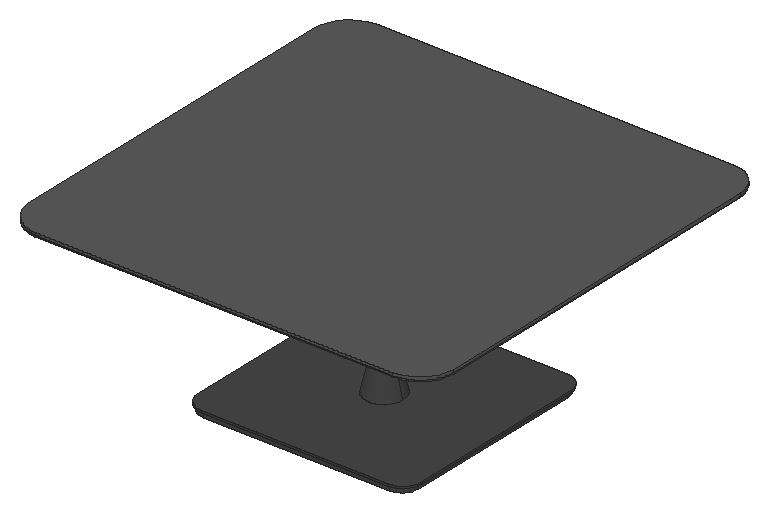
Revit family "NBS_Allermuir_OffcTbls-en-us-FortySeven_LowLevelTables", category Furniture, Revit 2018
Family settings
  Work Plane-Based = No
  Always vertical = Yes
  Cut with Voids When Loaded = No
  Shared = No
  Room Calculation Point = No
Parameters (values of type "FortySeven_LowLevelTable_KRSC36SQ")
  WorksurfaceArea = 0.00 m²
  WarrantyStartDate [instance] = "1900-12-31T23:59:59"
  WarrantyGuarantorParts = "sales@allermuir.com"
  WarrantyGuarantorLabor = "n/a"
  WarrantyDurationUnit = "year"
  WarrantyDurationParts = "10"
  WarrantyDurationLabor = "n/a"
  WarrantyDescription = "Allermuir warrant that its manufactured products are free from manufacturing defects - in materials or workmanship - for a period of ten (10) years. , Allermuir will repair, or replace (at Allermuir's sole discretion) with comparable free of charge materials / components, any product / component which fails under normal use in a single shift environment, as a result of a defect in the materials and/ or workmanship"
  Version = "1"  # constant formula
  Uniclass2015Version = "Products v1.15"
  Uniclass2015Title = "Coffee tables"
  Uniclass2015Code = "Pr_40_50_21_14"
  TagNumber [instance] = "n/a"
  TableTopMaterial = NBS_Allermuir_LaminateFacedMDF_Black
  TableTopCornerRadiusOffset = 3.07087" + (TableTopWidth - 23.62205") / 50  # 3.31843"
  TableHeight = 15"  # constant formula
  TableTopWidth = 36"
  TableBaseMaterial = NBS_Allermuir_Steel_BlackPowderCoat
  SustainabilityPerformance = "13.50% recyclable"
  Style = "Table"
  Status = "UNSET"
  Size = "15 x 36 x 36\""
  Shape = "Square"
  SerialNumber [instance] = "n/a"
  Revision = "n/a"
  ReplacementCost = "n/a"
  Reference = "n/a"
  ProductInformation = "https://www.allermuir.com/products/tables-storage/fortyseven"
  OmniClassVersion = "Table 22 2012-05-16"
  OmniClassTitle = "Dining Tables and Chairs"
  OmniClassCode = "22-12 58 19"
  NumberOfChairs = 0
  NominalWidth = TableTopWidth  # 36"
  NominalLength = TableTopWidth  # 36"
  NominalHeight = TableHeight  # 15"
  NominalDepth = TableTopWidth  # 36"
  Name = "OfficeTables_KRSC36SQ_FortySeven_Allermuir"
  NBSReference = "45-35-20/340"
  NBSDescription = "Office tables"
  NBSCertification = "www.nationalbimlibrary.com/cert/r5uryn2a"
  ModelReference = "FortySeven_LowLevelTables"
  ModelNumber = "KRSC36SQ"
  Material = "Plastic, Wood, Steel"
  ManufacturerURL = "www.allermuir.com"
  ManufacturerName = "Allermuir"  # constant formula
  Manufacturer = "sales@allermuir.com"
  MainColor = "n/a"
  IsSquare = yes
  IsRound = no
  IsBuiltIn = no
  InstallationDate [instance] = "1900-12-31T23:59:59"
  IfcExportType = "TABLE"  # constant formula
  IfcExportAs = "IfcFurnitureType"  # constant formula
  Grade = "n/a"
  Finish = "Black, white, stone"
  Features = "1” laminate faced MDF core top with a clear finish edge profile, 1” TFL top, Steel pedestal base finished in Black powder coat, Plastic glides with levelling adjustment, Table edge profile can be stained, Steel pedestal base available in White or Stone powder coat"
  ExpectedLife = "10"
  EdgeProfile = "47"
  DurationUnit = "year"
  Description = "Low level square table"
  Constituents = "n/a"
  Color = "n/a"
  CodePerformance = "n/a"
  Category = "Pr_40_50_21_14:Coffee tables"
  BarCode [instance] = "n/a"
  BIMObjectName = "NBS_Allermuir_OfficeTables_FortySeven_LowLevelTable_KRSC36SQ"
  Author = "NBS"  # constant formula
  AssetType = "Movable"
  AssetIdentifier [instance] = "n/a"
  AccessibilityPerformance = "n/a"
  AGradeLaminateRange = "965"
Types (7): name | TableTopCornerRadiusOffset | TableTopWidth | Size | Shape | NominalWidth | NominalLength | NominalDepth | Name | ModelNumber | IsSquare | IsRound | Description | BIMObjectName | AGradeLaminateRange
  (no name) | 3.07843" | 24" | "24 x 15\"" | "Round" | 24" | 24" | 24" | "OfficeTables_FRSC24RD_FortySeven_Allermuir" | "FRSC24RD" | no | yes | "Low level rounded table" | "NBS_Allermuir_OfficeTables_FortySeven_LowLevelTable_FRSC24RD" | "775"
  FortySeven_LowLevelTable_FRSC24RD | 3.07843" | 24" | "24 x 15\"" | "Round" | 24" | 24" | 24" | "OfficeTables_FRSC24RD_FortySeven_Allermuir" | "FRSC24RD" | no | yes | "Low level rounded table" | "NBS_Allermuir_OfficeTables_FortySeven_LowLevelTable_FRSC24RD" | "775"
  FortySeven_LowLevelTable_FRSC30RD | 3.19843" | 30" | "30 x 15\"" | "Round" | 30" | 30" | 30" | "OfficeTables_FRSC30RD_FortySeven_Allermuir" | "FRSC30RD" | no | yes | "Low level rounded table" | "NBS_Allermuir_OfficeTables_FortySeven_LowLevelTable_FRSC30RD" | "930"
  FortySeven_LowLevelTable_FRSC36RD | 3.31843" | 36" | "36 x 15\"" | "Round" | 36" | 36" | 36" | "OfficeTables_FRSC36RD_FortySeven_Allermuir" | "FRSC36RD" | no | yes | "Low level rounded table" | "NBS_Allermuir_OfficeTables_FortySeven_LowLevelTable_FRSC36RD" | "945"
  FortySeven_LowLevelTable_FRSC24SQ | 3.07843" | 24" | "15 x 24 x 24\"" | "Square" | 24" | 24" | 24" | "OfficeTables_FRSC24SQ_FortySeven_Allermuir" | "FRSC24SQ" | yes | no | "Low level square table" | "NBS_Allermuir_OfficeTables_FortySeven_LowLevelTable_FRSC24SQ" | "795"
  FortySeven_LowLevelTable_FRSC30SQ | 3.19843" | 30" | "15 x 30 x 30\"" | "Square" | 30" | 30" | 30" | "OfficeTables_FRSC30SQ_FortySeven_Allermuir" | "FRSC30SQ" | yes | no | "Low level square table" | "NBS_Allermuir_OfficeTables_FortySeven_LowLevelTable_FRSC30SQ" | "850"
  FortySeven_LowLevelTable_KRSC36SQ | 3.31843" | 36" | "15 x 36 x 36\"" | "Square" | 36" | 36" | 36" | "OfficeTables_KRSC36SQ_FortySeven_Allermuir" | "KRSC36SQ" | yes | no | "Low level square table" | "NBS_Allermuir_OfficeTables_FortySeven_LowLevelTable_KRSC36SQ" | "965"
Reference planes (in)
  plane 1 "Center (Front/Back)": y = 0
  plane 2: z = 0
  plane 3 "Center (Left/Right)": x = 0
  plane 4 "Left": x = -18
  plane 5 "Front": y = -18
  plane 6 "Right": x = 18
  plane 7 "Back": y = 18
  plane 8 "Top": z = 15
  plane 9: x = -54
  plane 10: y = 54
  plane 11: y = -54
  plane 12: x = 54
Forms (in)
  Sweep 1, solid, material "NBS_Allermuir_LaminateFacedMDF_Black" <- "TableTopMaterial", visible <- "IsSquare", detail levels medium+fine
    path origin (0, 0, 15) x (-1, 0, 0) y (0, -1, 0)
      loop
        arc (17.61212, -14.83493) -> (18, 0) -> (17.61212, 14.83493) r 283.88189
        arc (17.61212, 14.83493) -> (16.75662, 16.75662) -> (14.83493, 17.61212) r 2.93455
        arc (14.83493, 17.61212) -> (0, 18) -> (-14.83493, 17.61212) r 283.88189
        arc (-14.83493, 17.61212) -> (-16.75662, 16.75662) -> (-17.61212, 14.83493) r 2.93455
        arc (-17.61212, 14.83493) -> (-18, 0) -> (-17.61212, -14.83493) r 283.88189
        arc (-17.61212, -14.83493) -> (-16.75662, -16.75662) -> (-14.83493, -17.61212) r 2.93455
        arc (-14.83493, -17.61212) -> (0, -18) -> (14.83493, -17.61212) r 283.88189
        arc (14.83493, -17.61212) -> (16.75662, -16.75662) -> (17.61212, -14.83493) r 2.93455
    profile origin (-18, 0, 15) x (1, 0, 0) y (0, 0, 1)
      loop
        line (0, 0) -> (0, -0.25658)
        arc (0, -0.25658) -> (0.01549, -0.30347) -> (0.05587, -0.33192) r 0.07874
        line (0.05587, -0.33192) -> (2.20472, -0.98425) -> (2.59843, -0.98425) -> (2.59843, 0) -> (0, 0)
  Extrusion 2, solid, material "NBS_Allermuir_LaminateFacedMDF_Black" <- "TableTopMaterial", visible <- "IsSquare", detail levels medium+fine
    sketch origin (0, 0, 15) x (-1, 0, 0) y (0, -1, 0)
      loop
        arc (15.01724, -14.69914) -> (15.40157, 0) -> (15.01724, 14.69914) r 281.28346
        arc (15.01724, 14.69914) -> (14.91925, 14.91925) -> (14.69914, 15.01724) r 0.33613
        arc (14.69914, 15.01724) -> (0, 15.40157) -> (-14.69914, 15.01724) r 281.28346
        arc (-14.69914, 15.01724) -> (-14.91925, 14.91925) -> (-15.01724, 14.69914) r 0.33613
        arc (-15.01724, 14.69914) -> (-15.40157, 0) -> (-15.01724, -14.69914) r 281.28346
        arc (-15.01724, -14.69914) -> (-14.91925, -14.91925) -> (-14.69914, -15.01724) r 0.33613
        arc (-14.69914, -15.01724) -> (0, -15.40157) -> (14.69914, -15.01724) r 281.28346
        arc (14.69914, -15.01724) -> (14.91925, -14.91925) -> (15.01724, -14.69914) r 0.33613
    from 0 to -0.98425
  Extrusion 3, solid, material "NBS_Allermuir_LaminateFacedMDF_Black" <- "TableTopMaterial", visible <- "IsSquare", detail levels coarse
    sketch origin (0, 0, 15) x (-1, 0, 0) y (0, -1, 0)
      loop
        line (18, -18) -> (18, 18) -> (-18, 18) -> (-18, -18) -> (18, -18)
    from 0 to -0.98425
  Sweep 4, void
    path origin (0, 0, 15) x (-1, 0, 0) y (0, -1, 0)
      loop
        circle (0, 0) r 18
    profile origin (0, -18, 15) x (0, 1, 0) y (0, 0, 1)
      loop
        line (0, -0.25658) -> (0, -0.98425) -> (2.20472, -0.98425) -> (0.05587, -0.33192)
        arc (0.05587, -0.33192) -> (0.01549, -0.30347) -> (0, -0.25658) r 0.07874
  Extrusion 5, solid, material "NBS_Allermuir_LaminateFacedMDF_Black" <- "TableTopMaterial", visible <- "IsRound", detail levels medium+fine
    sketch origin (0, 0, 15) x (-1, 0, 0) y (0, -1, 0)
      loop
        circle (0, 0) r 18
    from 0 to -0.98425
  Extrusion 6, solid, material "NBS_Allermuir_LaminateFacedMDF_Black" <- "TableTopMaterial", visible <- "IsRound", detail levels coarse
    sketch origin (0, 0, 15) x (-1, 0, 0) y (0, -1, 0)
      loop
        circle (0, 0) r 18
    from 0 to -0.98425
  Extrusion 7, solid, material "NBS_Allermuir_Steel_BlackPowderCoat" <- "TableBaseMaterial", detail levels fine
    sketch origin (0, 0, 15) x (-1, 0, 0) y (0, -1, 0)
      loop
        arc (-6.88976, -3.54331) -> (-5.90961, -5.90961) -> (-3.54331, -6.88976) r 3.34646
        line (-3.54331, -6.88976) -> (3.54331, -6.88976)
        arc (3.54331, -6.88976) -> (5.90961, -5.90961) -> (6.88976, -3.54331) r 3.34646
        line (6.88976, -3.54331) -> (6.88976, 3.54331)
        arc (6.88976, 3.54331) -> (5.90961, 5.90961) -> (3.54331, 6.88976) r 3.34646
        line (3.54331, 6.88976) -> (-3.54331, 6.88976)
        arc (-3.54331, 6.88976) -> (-5.90961, 5.90961) -> (-6.88976, 3.54331) r 3.34646
        line (-6.88976, 3.54331) -> (-6.88976, -3.54331)
    from -0.98425 to -1.1811
  Revolve 8, solid, material "NBS_Allermuir_Steel_BlackPowderCoat" <- "TableBaseMaterial"
    sketch origin (0, 0, 0) x (1, 0, 0) y (0, 0, 1)
      loop
        line (0, 0.59055) -> (1.5748, 0.59055) -> (0.96217, 3.31338)
        arc (0.96217, 3.31338) -> (0.89022, 3.74283) -> (0.86614, 4.1776) r 3.93701
        line (0.86614, 4.1776) -> (0.86614, 14.01575) -> (0, 14.01575) -> (0, 0.59055)
      axis (0, 14.01575) -> (0, 0.59055)
    angle from 0 to 360
  Extrusion 9, solid, material "NBS_Allermuir_Steel_BlackPowderCoat" <- "TableBaseMaterial", visible <- "IsRound", detail levels fine
    sketch origin (0, 0, 0) x (1, 0, 0) y (0, 1, 0)
      loop
        circle (0, 0) r 9.01575
    from 0 to 0.47244
  Extrusion 10, solid, material "NBS_Allermuir_Steel_BlackPowderCoat" <- "TableBaseMaterial", visible <- "IsRound", detail levels fine
    sketch origin (0, 0, 0) x (1, 0, 0) y (0, 1, 0)
      loop
        circle (0, 0) r 9.25197
    from 0.47244 to 0.59055
  Extrusion 11, solid, material "NBS_Allermuir_Steel_BlackPowderCoat" <- "TableBaseMaterial", visible <- "IsRound", detail levels coarse+medium
    sketch origin (0, 0, 0) x (1, 0, 0) y (0, 1, 0)
      loop
        circle (0, 0) r 9.25197
    from 0 to 0.59055
  Extrusion 12, solid, material "NBS_Allermuir_Steel_BlackPowderCoat" <- "TableBaseMaterial", visible <- "IsSquare", detail levels fine
    sketch origin (0, 0, 0) x (1, 0, 0) y (0, 1, 0)
      loop
        arc (9.29134, 7.71654) -> (8.83009, 8.83009) -> (7.71654, 9.29134) r 1.5748
        line (7.71654, 9.29134) -> (-7.71654, 9.29134)
        arc (-7.71654, 9.29134) -> (-8.83009, 8.83009) -> (-9.29134, 7.71654) r 1.5748
        line (-9.29134, 7.71654) -> (-9.29134, -7.71654)
        arc (-9.29134, -7.71654) -> (-8.83009, -8.83009) -> (-7.71654, -9.29134) r 1.5748
        line (-7.71654, -9.29134) -> (7.71654, -9.29134)
        arc (7.71654, -9.29134) -> (8.83009, -8.83009) -> (9.29134, -7.71654) r 1.5748
        line (9.29134, -7.71654) -> (9.29134, 7.71654)
    from 0.47244 to 0.59055
  Extrusion 13, solid, material "NBS_Allermuir_Steel_BlackPowderCoat" <- "TableBaseMaterial", visible <- "IsSquare", detail levels fine
    sketch origin (0, 0, 0) x (1, 0, 0) y (0, 1, 0)
      loop
        line (-9.05512, 7.71654) -> (-9.05512, -7.71654)
        arc (-9.05512, -7.71654) -> (-8.66306, -8.66306) -> (-7.71654, -9.05512) r 1.33858
        line (-7.71654, -9.05512) -> (7.71654, -9.05512)
        arc (7.71654, -9.05512) -> (8.66306, -8.66306) -> (9.05512, -7.71654) r 1.33858
        line (9.05512, -7.71654) -> (9.05512, 7.71654)
        arc (9.05512, 7.71654) -> (8.66306, 8.66306) -> (7.71654, 9.05512) r 1.33858
        line (7.71654, 9.05512) -> (-7.71654, 9.05512)
        arc (-7.71654, 9.05512) -> (-8.66306, 8.66306) -> (-9.05512, 7.71654) r 1.33858
    from 0 to 0.47244
  Extrusion 14, solid, material "NBS_Allermuir_Steel_BlackPowderCoat" <- "TableBaseMaterial", visible <- "IsSquare", detail levels medium
    sketch origin (0, 0, 0) x (1, 0, 0) y (0, 1, 0)
      loop
        line (-9.29134, 7.71654) -> (-9.29134, -7.71654)
        arc (-9.29134, -7.71654) -> (-8.83009, -8.83009) -> (-7.71654, -9.29134) r 1.5748
        line (-7.71654, -9.29134) -> (7.71654, -9.29134)
        arc (7.71654, -9.29134) -> (8.83009, -8.83009) -> (9.29134, -7.71654) r 1.5748
        line (9.29134, -7.71654) -> (9.29134, 7.71654)
        arc (9.29134, 7.71654) -> (8.83009, 8.83009) -> (7.71654, 9.29134) r 1.5748
        line (7.71654, 9.29134) -> (-7.71654, 9.29134)
        arc (-7.71654, 9.29134) -> (-8.83009, 8.83009) -> (-9.29134, 7.71654) r 1.5748
    from 0 to 0.59055
  Extrusion 15, solid, material "NBS_Allermuir_Steel_BlackPowderCoat" <- "TableBaseMaterial", visible <- "IsSquare", detail levels coarse
    sketch origin (0, 0, 0) x (1, 0, 0) y (0, 1, 0)
      loop
        line (-9.29134, 9.29134) -> (-9.29134, -9.29134) -> (9.29134, -9.29134) -> (9.29134, 9.29134) -> (-9.29134, 9.29134)
    from 0 to 0.59055
Cuts and joins
  joined: Sweep 1, Extrusion 2
  Sweep 4 cuts Extrusion 5
Dimensions and locks (in)
  equal spacing: plane 7 "Back", plane 1 "Center (Front/Back)", plane 5 "Front"
  equal spacing: plane 4 "Left", plane 3 "Center (Left/Right)", plane 6 "Right"
  "TableTopWidth": plane 4 "Left" to plane 6 "Right"
  "TableTopWidth": plane 7 "Back" to plane 5 "Front"
  "TableHeight": plane 8 "Top" to plane 2
  locked: plane 4 "Left" to Sweep 1 sketch curve at 0
  locked: plane 7 "Back" to Sweep 1 sketch curve at 0
  locked: plane 5 "Front" to Sweep 1 sketch curve at 0
  locked: plane 6 "Right" to Sweep 1 sketch curve at 0
  "TableTopWidth": plane 9 to plane 4 "Left"
  locked: plane 9 to Sweep 1 sketch curve at 319.88189
  "TableTopWidth": plane 7 "Back" to plane 10
  "TableTopWidth": plane 6 "Right" to plane 12
  "TableTopWidth": plane 5 "Front" to plane 11
  locked: plane 10 to Sweep 1 sketch curve at 319.88189
  locked: Sweep 1 sketch curve to plane 12 at 319.88189
  locked: Sweep 1 sketch curve to plane 11 at 319.88189
  "TableTopCornerRadiusOffset": Sweep 1 sketch curve to plane 7 "Back"  (x2)
  "TableTopCornerRadiusOffset": Sweep 1 sketch curve to plane 6 "Right"  (x2)
  "TableTopCornerRadiusOffset": Sweep 1 sketch curve to plane 5 "Front"  (x2)
  "TableTopCornerRadiusOffset": plane 4 "Left" to Sweep 1 sketch curve  (x2)
  Extrusion 7 sketch curve to plane 1 "Center (Front/Back)" to Extrusion 7 sketch curve = 6.88976" locked, 6.88976" locked
  Extrusion 7 sketch curve to plane 3 "Center (Left/Right)" to Extrusion 7 sketch curve = 6.88976" locked, 6.88976" locked
  locked: Revolve 8 sketch curve to plane 3 "Center (Left/Right)" at 0.86614
  locked: plane 8 "Top" to Revolve 8 sketch curve at 0.98425
  locked: Revolve 8 sketch curve to plane 2 at 0.59055
  Extrusion 15 sketch curve to plane 3 "Center (Left/Right)" to Extrusion 15 sketch curve = 9.29134" locked, 9.29134" locked
  Extrusion 15 sketch curve to plane 1 "Center (Front/Back)" to Extrusion 15 sketch curve = 9.29134" locked, 9.29134" locked
  Extrusion 14 sketch curve to plane 1 "Center (Front/Back)" to Extrusion 14 sketch curve = 9.29134" locked, 9.29134" locked
  Extrusion 14 sketch curve to plane 3 "Center (Left/Right)" to Extrusion 14 sketch curve = 9.29134" locked, 9.29134" locked
  Extrusion 13 sketch curve to plane 1 "Center (Front/Back)" to Extrusion 13 sketch curve = 9.05512" locked, 9.05512" locked
  Extrusion 13 sketch curve to plane 3 "Center (Left/Right)" to Extrusion 13 sketch curve = 9.05512" locked, 9.05512" locked
  Extrusion 12 sketch curve to plane 3 "Center (Left/Right)" to Extrusion 12 sketch curve = 9.29134" locked, 9.29134" locked
  Extrusion 12 sketch curve to plane 1 "Center (Front/Back)" to Extrusion 12 sketch curve = 9.29134" locked, 9.29134" locked
  "TableTopWidth": diameter of Sweep 4 sketch curve
  "TableTopWidth": diameter of Extrusion 5 sketch curve
  "TableTopWidth": diameter of Extrusion 6 sketch curve
  aligned and locked: level to plane 2
  aligned and locked: plane 1 "Center (Front/Back)" to Sweep 1 sketch curve
  aligned and locked: Extrusion 2 sketch curve to Sweep 1  (x8)
  aligned and locked: Extrusion 3 sketch curve to plane 4 "Left"
  aligned and locked: plane 7 "Back" to Extrusion 3 sketch curve
  aligned and locked: plane 6 "Right" to Extrusion 3 sketch curve
  aligned and locked: Extrusion 3 sketch curve to plane 5 "Front"
  aligned and locked: plane 1 "Center (Front/Back)" to Sweep 4 sketch curve
  aligned and locked: plane 3 "Center (Left/Right)" to Sweep 4 sketch curve
  aligned and locked: plane 1 "Center (Front/Back)" to Extrusion 5 sketch curve
  aligned and locked: plane 3 "Center (Left/Right)" to Extrusion 5 sketch curve
  aligned and locked: plane 1 "Center (Front/Back)" to Extrusion 6 sketch curve
  aligned and locked: plane 3 "Center (Left/Right)" to Extrusion 6 sketch curve
  aligned and locked: plane 3 "Center (Left/Right)" to Revolve 8 sketch curve
  aligned and locked: Revolve 8 sketch curve to plane 3 "Center (Left/Right)"
Automatic sketch dimensions
  profile plane to Sweep 1 sketch curve = 0"
  Sweep 1 sketch curve to profile plane = 0.05587"
  Sweep 1 sketch curve to Sweep 1 sketch curve = 0.02287"
  Sweep 1 sketch curve to plane 8 "Top" = 0.98425"
  Sweep 1 sketch curve to profile plane = 2.20472"
  Sweep 1 sketch curve to plane 8 "Top" = 0.33192"
  Sweep 1 sketch curve to Sweep 1 sketch curve = 0.3937"
  Sweep 1 sketch curve to plane 8 "Top" = 0"
  Sweep 4 sketch curve to Sweep 4 sketch curve = 0.05587"
  Sweep 4 sketch curve to Sweep 4 sketch curve = 0.02287"
  Sweep 4 sketch curve to profile plane = 2.20472"
  Sweep 4 sketch curve to Sweep 4 sketch curve = 0.65233"
  Sweep 4 sketch curve to plane 8 "Top" = 0.98425"
  Sweep 4 sketch curve to plane 8 "Top" = 0.25658"
  Sweep 4 sketch curve to profile plane = 0"  (x2)
  plane 3 "Center (Left/Right)" to Extrusion 7 sketch curve = 3.54331"
  Extrusion 7 sketch curve to Extrusion 7 sketch curve = 3.34646"  (x2)
  plane 1 "Center (Front/Back)" to Extrusion 7 sketch curve = 3.54331"
  Revolve 8 sketch curve to Revolve 8 sketch curve = 0.09602"
  plane 3 "Center (Left/Right)" to Revolve 8 sketch curve = 1.5748"
  Revolve 8 sketch curve to Revolve 8 sketch curve = 0.86422"
  Revolve 8 sketch curve to level = 17.3423"
  plane 8 "Top" to Revolve 8 sketch curve = 63.67774"
  plane 1 "Center (Front/Back)" to Extrusion 9 sketch curve = 0"
  Extrusion 9 sketch curve to plane 3 "Center (Left/Right)" = 0"
  plane 1 "Center (Front/Back)" to Extrusion 10 sketch curve = 0"
  Extrusion 10 sketch curve to plane 3 "Center (Left/Right)" = 0"
  plane 1 "Center (Front/Back)" to Extrusion 11 sketch curve = 0"
  Extrusion 11 sketch curve to plane 3 "Center (Left/Right)" = 0"
  Extrusion 12 sketch curve to Extrusion 12 sketch curve = 1.5748"  (x4)
  Extrusion 13 sketch curve to Extrusion 13 sketch curve = 1.33858"  (x4)
  Extrusion 14 sketch curve to Extrusion 14 sketch curve = 1.5748"  (x4)
  Sweep 1 sketch curve to plane 3 "Center (Left/Right)" = 0"  (x2)
  Sweep 1 sketch curve to plane 1 "Center (Front/Back)" = 0"
  Sweep 1 sketch curve to Sweep 1 sketch curve = 0"  (x4)
  radius of Extrusion 9 sketch curve = 9.01575"
  radius of Extrusion 10 sketch curve = 9.25197"
  radius of Extrusion 11 sketch curve = 9.25197"
